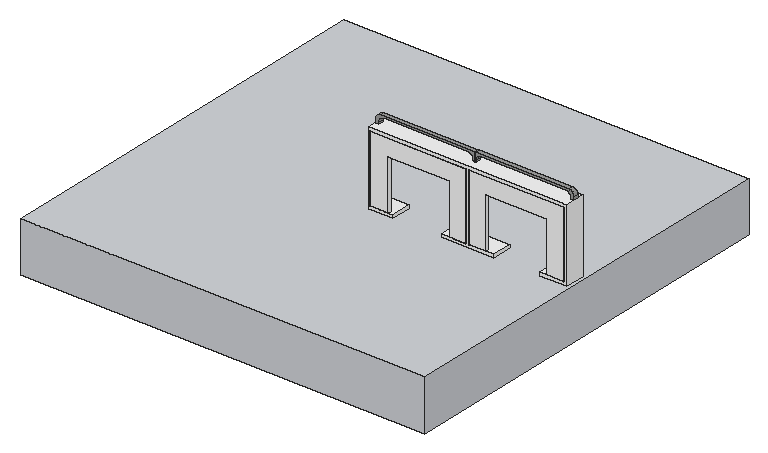
Revit family "IS_TonicII_R4313_BIM_GB", category Plumbing Fixtures, host Face, Revit 2014
Parameters (values of type "R4313WG - Tonic II 1200mm Shelf Unit - White Gloss")
  WaterEfficientProduct = no
  WarrantyStartDate [instance] = "1900-12-31T23:59:59"
  WarrantyGuarantorParts = "Productinfo@thebluebook.co.uk"
  WarrantyGuarantorLabor = "n/a"
  WarrantyDurationUnit = "year"
  WarrantyDurationParts = "5"
  WarrantyDurationLabor = "n/a"
  WarrantyDescription = "Manufacturers Warranty"
  WRAS = no
  VolumeUnits = "Litres"
  Version = "1"
  Uniclass2015Version = "Products v1.1"
  Uniclass2015Reference = "Pr_40_30_78_04"
  Uniclass2015Description = "Bathroom integrated duct work"
  Uniclass2 = "n/a"
  URL = "www.idealspec.co.uk"
  Type Comments = "n/a"
  TagNumber [instance] = "n/a"
  TMV3 = no
  SustainabilityPerformance = "n/a"
  SpareParts = "www.fastpart-spares.co.uk"
  Space = "Internal"
  Size = "120 x 440 x 1196 mm"
  Shape = "Rectangular"
  SerialNumber [instance] = "n/a"
  Revision = "n/a"
  ReplacementCost = "n/a"
  ProductInformation = "www.idealspec.co.uk/datasheets/R4313WG"
  Phone = "01482 346 461"
  NominalWidth = 1196 mm
  NominalLength = 440 mm
  NominalHeight = 120 mm
  NominalDepth = 440 mm
  NettWeight = "7 Kg"
  Name = "ISI_Furniture_TonicII_R4313WG_IdealStandard"
  NBSTypeID = "n/a"
  NBSReference = "45-35-72/320"
  NBSOfficeMasterTag = "n/a"
  NBSNote = "n/a"
  NBSDescription = "Bathroom integrated duct work"
  NBSCertification = "n/a"
  ModelReference = Description  # "Tonic II 1200mm shelf unit"
  ModelNumber = Model  # "R4313WG"
  ManufacturerURL = "www.idealspec.co.uk"
  LinearUnits = "millimeters"
  LaminateFinish = ISI_IdealStandard_Furniture_WhiteGlossWG_Render
  Keynote = "n/a"
  InstallationInstructions = "www.idealspec.co.uk/resources.html"
  InstallationDate [instance] = "1900-12-31T23:59:59"
  IfcExportType = "USERDEFINED"
  IfcExportAs = "IfcFurnitureType"
  Help = "Productinfo@thebluebook.co.uk"
  HandleMatl = ISI_IdealStandard_Handle_Silver_Render
  HWFU = 0
  GrossWeight = "n/a"
  Grade = "n/a"
  Finish = "Gloss White"
  Features = "1200mm shelf unit"
  ExpectedLife = "30"
  DurationUnit = "year"
  CurrencyUnit = "n/a"
  CreatedOn = "2016_04_06"
  Cost = 0
  Constituents = "n/a"
  ConnectionType = "Plumbing"
  Color = "Gloss White"
  CodePerformance = "EN 14749:2005"
  Category = "Furniture"
  Reference = "n/a"
  Model = "R4313WG"
  Manufacturer = "Ideal Standard (UK) Ltd"
  ECA = no
  Description = "Tonic II 1200mm shelf unit"
  Default Elevation = 800 mm
  CWFU = 0
  Brand = "Ideal Standard"
  BarCode = "3391500572201"
  BREEAM = no
  BIMObjectName = "ISI_IdealStandard_Furniture_TonicII_R4313WG"
  Author = "Ideal Standard (UK) Ltd"
  AssetType = "Fixed"
  AssetIdentifier [instance] = "n/a"
  Assembly Code = "C1030200"
  AreaUnits = "millimeters"
  AreaMeasurement = "n/a"
  Accessories = "www.idealspec.co.uk"
  AccessibilityPerformance = "n/a"
Types (5, lengths in mm): name | ProductInformation | Name | ModelNumber | LaminateFinish | Finish | Color | Model | BarCode | BIMObjectName
  R4313FE - Tonic II 1200mm Shelf Unit - Wood Light Grey | "www.idealspec.co.uk/datasheets/R4313FE" | "ISI_Furniture_TonicII_R4313FE_IdealStandard" | "R4313FE" | ISI_IdealStandard_Furniture_WoodLightGreyFE_Render | "Light Grey Wood" | "Light Grey Wood" | "R4313FE" | "3391500572249" | "ISI_IdealStandard_Furniture_TonicII_R4313FE"
  R4313FF - Tonic II 1200mm Shelf Unit - Wood Light Brown | "www.idealspec.co.uk/datasheets/R4313FF" | "ISI_Furniture_TonicII_R4313FF_IdealStandard" | "R4313FF" | ISI_IdealStandard_Furniture_WoodLightBrownFF_Render | "Light Brown Wood" | "Light Brown Wood" | "R4313FF" | "3391500572232" | "ISI_IdealStandard_Furniture_TonicII_R4313FF"
  R4313FA - Tonic II 1200mm Shelf Unit - Gloss Light Grey | "www.idealspec.co.uk/datasheets/R4313FA" | "ISI_Furniture_TonicII_R4313FA_IdealStandard" | "R4313FA" | ISI_IdealStandard_Furniture_GlossLightGreyFA_Render | "Light Grey Gloss" | "Light Grey Gloss" | "R4313FA" | "3391500572218" | "ISI_IdealStandard_Furniture_TonicII_R4313FA"
  R4313FC - Tonic II 1200mm Shelf Unit - Gloss Light Brown | "www.idealspec.co.uk/datasheets/R4313FC" | "ISI_Furniture_TonicII_R4313FC_IdealStandard" | "R4313FC" | ISI_IdealStandard_Furniture_GlossLightBrownFC_Render | "Light Brown Gloss" | "Light Brown Gloss" | "R4313FC" | "3391500572225" | "ISI_IdealStandard_Furniture_TonicII_R4313FC"
  R4313WG - Tonic II 1200mm Shelf Unit - White Gloss | "www.idealspec.co.uk/datasheets/R4313WG" | "ISI_Furniture_TonicII_R4313WG_IdealStandard" | "R4313WG" | ISI_IdealStandard_Furniture_WhiteGlossWG_Render | "Gloss White" | "Gloss White" | "R4313WG" | "3391500572201" | "ISI_IdealStandard_Furniture_TonicII_R4313WG"
Reference planes
  plane 1 "Center (Front/Back)": y = 0
  plane 2: z = 0
  plane 3 "Center (Left/Right)": x = 0
  plane 4: x = 1196
  plane 5: y = -120
  plane 6: y = -40
  plane 7: y = -65
  plane 8: x = 598.5
  plane 9: x = 20
  plane 10: x = 1176
  plane 11: z = 440
  plane 12: z = 490
  plane 13: z = 480
  plane 14: z = 422
Forms (mm)
  Extrusion 1, solid
    sketch origin (0, 0, 0) x (1, 0, 0) y (0, 1, 0)
      loop
        line (-1219.2, 1219.2) -> (-1219.2, -1219.2) -> (1219.2, -1219.2) -> (1219.2, 1219.2) -> (-1219.2, 1219.2)
    from 0 to -304.8
  Extrusion 2, solid, material "ISI_IdealStandard_Furniture_WhiteGlossWG_Render" <- "LaminateFinish"
    sketch origin (1524, -120, 1219.2) x (1, 0, 0) y (0, 0, 1)
      loop
        line (-1524, -1219.2) -> (-1374, -1219.2) -> (-1374, -1201.2) -> (-1514, -1201.2) -> (-1514, -797.2) -> (-934, -797.2) -> (-934, -1201.2) -> (-1084, -1201.2) -> (-1084, -1219.2) -> (-766, -1219.2) -> (-766, -1201.2) -> (-916, -1201.2) -> (-916, -797.2) -> (-346, -797.2) -> (-346, -1202.2) -> (-492, -1202.2) -> (-492, -1220.2) -> (-328, -1220.2) -> (-328, -779.2) -> (-1524, -779.2) -> (-1524, -1219.2)
    from -120 to 0
  Extrusion 3, solid, material "ISI_IdealStandard_Furniture_WhiteGlossWG_Render" <- "LaminateFinish"
    sketch origin (1524, -120, 1219.2) x (1, 0, 0) y (0, 0, 1)
      loop
        line (-1404, -1201.2) -> (-1404, -897.2) -> (-1034, -897.2) -> (-1034, -1201.2) -> (-934, -1201.2) -> (-934, -797.2) -> (-1514, -797.2) -> (-1514, -1201.2) -> (-1404, -1201.2)
      loop
        line (-817, -1201.2) -> (-817, -897.2) -> (-448, -897.2) -> (-448, -1201.2) -> (-348, -1201.2) -> (-348, -797.2) -> (-927, -797.2) -> (-927, -1201.2) -> (-817, -1201.2)
    from -18 to 0
  Extrusion 4, solid, material "ISI_IdealStandard_Handle_Silver_Render" <- "HandleMatl"
    sketch origin (1524, -120, 1219.2) x (1, 0, 0) y (0, 0, 1)
      loop
        arc (-1494, -729.2) -> (-1515.213, -737.987) -> (-1524, -759.2) r 30
        line (-1524, -759.2) -> (-1524, -779.2) -> (-1504, -779.2) -> (-1504, -769.2)
        arc (-1504, -769.2) -> (-1495.213, -747.987) -> (-1474, -739.2) r 30
        line (-1474, -739.2) -> (-965.5, -739.2)
        arc (-965.5, -739.2) -> (-944.287, -747.987) -> (-935.5, -769.2) r 30
        line (-935.5, -769.2) -> (-935.5, -779.2) -> (-925.5, -779.2) -> (-925.5, -729.2) -> (-1494, -729.2)
      loop
        arc (-328, -759.2) -> (-336.787, -737.987) -> (-358, -729.2) r 30
        line (-358, -729.2) -> (-924.974, -729.2) -> (-924.974, -779.2) -> (-914.974, -779.2) -> (-914.974, -769.2)
        arc (-914.974, -769.2) -> (-906.187, -747.987) -> (-884.974, -739.2) r 30
        line (-884.974, -739.2) -> (-378, -739.2)
        arc (-378, -739.2) -> (-356.787, -747.987) -> (-348, -769.2) r 30
        line (-348, -769.2) -> (-348, -779.2) -> (-328, -779.2) -> (-328, -759.2)
    from -80 to -55
Dimensions and locks
  "NominalWidth": plane 4 to plane 3 "Center (Left/Right)"
  locked: plane 9 to plane 3 "Center (Left/Right)" at 20
  locked: plane 8 to plane 3 "Center (Left/Right)" at 598.5
  locked: plane 4 to plane 10 at 20
  "NominalDepth": plane 11 to level
  locked: plane 5 to plane 1 "Center (Front/Back)" at 120
  locked: plane 6 to plane 1 "Center (Front/Back)" at 40
  locked: plane 7 to plane 6 at 25
  locked: plane 12 to plane 11 at 50
  locked: plane 12 to plane 13 at 10
  locked: plane 11 to plane 14 at 18
  aligned and locked: plane 2 to Extrusion 1
  aligned and locked: level to Extrusion 1
  aligned and locked: Extrusion 2 to plane 1 "Center (Front/Back)"
  aligned and locked: plane 5 to Extrusion 2
  aligned and locked: Extrusion 3 sketch curve to Extrusion 2  (x4)
  aligned and locked: plane 5 to Extrusion 3
  aligned and locked: Extrusion 4 sketch curve to plane 12
  aligned and locked: Extrusion 4 sketch curve to Extrusion 2
  aligned and locked: Extrusion 4 sketch curve to plane 13
  aligned and locked: plane 11 to Extrusion 4 sketch curve
  aligned and locked: Extrusion 4 sketch curve to plane 10
  aligned and locked: Extrusion 4 to plane 6
  aligned and locked: plane 7 to Extrusion 4
Automatic sketch dimensions
  Extrusion 1 sketch curve to Extrusion 1 sketch curve = 2438.4 mm  (x2)
  Extrusion 2 sketch curve to level = 0 mm  (x2)
  Extrusion 2 sketch curve to plane 3 "Center (Left/Right)" = 0 mm
  Extrusion 2 sketch curve to plane 14 = 0 mm  (x2)
  Extrusion 2 sketch curve to plane 4 = 0 mm
  Extrusion 2 sketch curve to plane 11 = 0 mm
  plane 3 "Center (Left/Right)" to Extrusion 2 sketch curve = 10 mm
  level to Extrusion 2 sketch curve = 18 mm  (x3)
  plane 9 to Extrusion 2 sketch curve = 130 mm
  Extrusion 2 sketch curve to plane 8 = 158.5 mm
  Extrusion 2 sketch curve to plane 8 = 8.5 mm
  plane 8 to Extrusion 2 sketch curve = 9.5 mm
  Extrusion 2 sketch curve to Extrusion 2 sketch curve = 150 mm
  Extrusion 2 sketch curve to level = 1 mm
  Extrusion 2 sketch curve to plane 10 = 144 mm
  plane 10 to Extrusion 2 sketch curve = 2 mm
  level to Extrusion 2 sketch curve = 17 mm
  Extrusion 3 sketch curve to plane 14 = 0 mm
  Extrusion 3 sketch curve to plane 10 = 0 mm
  level to Extrusion 3 sketch curve = 18 mm  (x2)
  plane 9 to Extrusion 3 sketch curve = 100 mm
  Extrusion 3 sketch curve to Extrusion 3 sketch curve = 100 mm
  Extrusion 3 sketch curve to plane 8 = 1.5 mm
  plane 8 to Extrusion 3 sketch curve = 108.5 mm
  Extrusion 3 sketch curve to plane 10 = 100 mm
  Extrusion 3 sketch curve to Extrusion 3 sketch curve = 0 mm
  Extrusion 3 sketch curve to plane 14 = 100 mm  (x2)
  Extrusion 4 sketch curve to plane 3 "Center (Left/Right)" = 0 mm
  Extrusion 4 sketch curve to plane 9 = 0 mm
  Extrusion 4 sketch curve to plane 13 = 0 mm
  Extrusion 4 sketch curve to plane 11 = 0 mm  (x3)
  Extrusion 4 sketch curve to plane 8 = 0 mm
  Extrusion 4 sketch curve to plane 12 = 0 mm
  plane 9 to Extrusion 4 sketch curve = 10 mm
  plane 11 to Extrusion 4 sketch curve = 10 mm  (x2)
  Extrusion 4 sketch curve to plane 8 = 40 mm
  Extrusion 4 sketch curve to plane 8 = 10 mm
  Extrusion 4 sketch curve to Extrusion 4 sketch curve = 0.526 mm
  Extrusion 4 sketch curve to Extrusion 4 sketch curve = 10 mm
  plane 8 to Extrusion 4 sketch curve = 40.526 mm
  Extrusion 4 sketch curve to plane 10 = 10 mm
